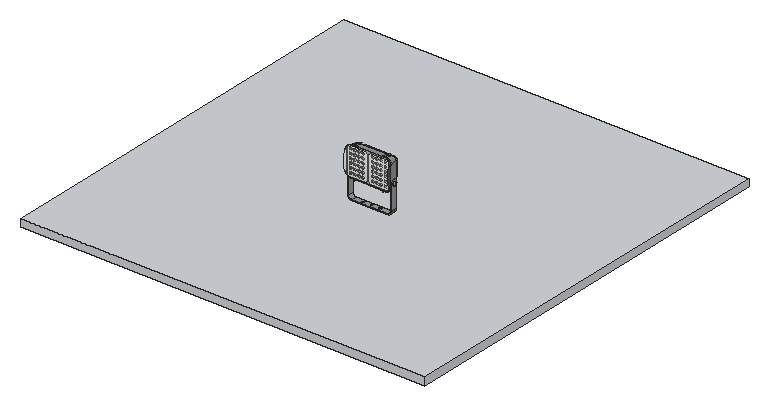
Revit family "HDL106N", category Lighting Fixtures, host Face, Revit 2014 (continued)
Forms (mm)
  Blend 35, void
    base sketch origin (-20, 0, -78.75) x (-1, 0, 0) y (0, 0, -1)
      loop
        line (-103.625, -304.265) -> (-96.24, -304.265) -> (-94.164, -302.189) -> (-94.164, -294.804) -> (-96.24, -292.728) -> (-103.625, -292.728) -> (-105.701, -294.804) -> (-105.701, -302.189) -> (-103.625, -304.265)
    top sketch origin (-20, 0, -78.75) x (-1, 0, 0) y (0, 0, -1)
      loop
        line (-108.432, -293.978) -> (-108.432, -304.052) -> (-104.969, -307.515) -> (-94.895, -307.515) -> (-91.432, -304.052) -> (-91.432, -293.978) -> (-94.895, -290.515) -> (-104.969, -290.515) -> (-108.432, -293.978)
    from 117.709 to 120.172
  Blend 36, void
    base sketch origin (-45, 0, -78.75) x (-1, 0, 0) y (0, 0, -1)
      loop
        line (-103.625, -304.265) -> (-96.24, -304.265) -> (-94.164, -302.189) -> (-94.164, -294.804) -> (-96.24, -292.728) -> (-103.625, -292.728) -> (-105.701, -294.804) -> (-105.701, -302.189) -> (-103.625, -304.265)
    top sketch origin (-45, 0, -78.75) x (-1, 0, 0) y (0, 0, -1)
      loop
        line (-108.432, -293.978) -> (-108.432, -304.052) -> (-104.969, -307.515) -> (-94.895, -307.515) -> (-91.432, -304.052) -> (-91.432, -293.978) -> (-94.895, -290.515) -> (-104.969, -290.515) -> (-108.432, -293.978)
    from 117.709 to 120.172
  Blend 37, void
    base sketch origin (-70, 0, -78.75) x (-1, 0, 0) y (0, 0, -1)
      loop
        line (-103.625, -304.265) -> (-96.24, -304.265) -> (-94.164, -302.189) -> (-94.164, -294.804) -> (-96.24, -292.728) -> (-103.625, -292.728) -> (-105.701, -294.804) -> (-105.701, -302.189) -> (-103.625, -304.265)
    top sketch origin (-70, 0, -78.75) x (-1, 0, 0) y (0, 0, -1)
      loop
        line (-108.432, -293.978) -> (-108.432, -304.052) -> (-104.969, -307.515) -> (-94.895, -307.515) -> (-91.432, -304.052) -> (-91.432, -293.978) -> (-94.895, -290.515) -> (-104.969, -290.515) -> (-108.432, -293.978)
    from 117.709 to 120.172
  Blend 38, void
    base sketch origin (5, 0, -78.75) x (-1, 0, 0) y (0, 0, -1)
      loop
        line (-103.625, -304.265) -> (-96.24, -304.265) -> (-94.164, -302.189) -> (-94.164, -294.804) -> (-96.24, -292.728) -> (-103.625, -292.728) -> (-105.701, -294.804) -> (-105.701, -302.189) -> (-103.625, -304.265)
    top sketch origin (5, 0, -78.75) x (-1, 0, 0) y (0, 0, -1)
      loop
        line (-108.432, -293.978) -> (-108.432, -304.052) -> (-104.969, -307.515) -> (-94.895, -307.515) -> (-91.432, -304.052) -> (-91.432, -293.978) -> (-94.895, -290.515) -> (-104.969, -290.515) -> (-108.432, -293.978)
    from 117.709 to 120.172
  Blend 39, void
    base sketch origin (-20, 0, -105) x (-1, 0, 0) y (0, 0, -1)
      loop
        line (-103.625, -304.265) -> (-96.24, -304.265) -> (-94.164, -302.189) -> (-94.164, -294.804) -> (-96.24, -292.728) -> (-103.625, -292.728) -> (-105.701, -294.804) -> (-105.701, -302.189) -> (-103.625, -304.265)
    top sketch origin (-20, 0, -105) x (-1, 0, 0) y (0, 0, -1)
      loop
        line (-108.432, -293.978) -> (-108.432, -304.052) -> (-104.969, -307.515) -> (-94.895, -307.515) -> (-91.432, -304.052) -> (-91.432, -293.978) -> (-94.895, -290.515) -> (-104.969, -290.515) -> (-108.432, -293.978)
    from 117.709 to 120.172
  Blend 40, void
    base sketch origin (-45, 0, -105) x (-1, 0, 0) y (0, 0, -1)
      loop
        line (-103.625, -304.265) -> (-96.24, -304.265) -> (-94.164, -302.189) -> (-94.164, -294.804) -> (-96.24, -292.728) -> (-103.625, -292.728) -> (-105.701, -294.804) -> (-105.701, -302.189) -> (-103.625, -304.265)
    top sketch origin (-45, 0, -105) x (-1, 0, 0) y (0, 0, -1)
      loop
        line (-108.432, -293.978) -> (-108.432, -304.052) -> (-104.969, -307.515) -> (-94.895, -307.515) -> (-91.432, -304.052) -> (-91.432, -293.978) -> (-94.895, -290.515) -> (-104.969, -290.515) -> (-108.432, -293.978)
    from 117.709 to 120.172
  Blend 41, void
    base sketch origin (-70, 0, -105) x (-1, 0, 0) y (0, 0, -1)
      loop
        line (-103.625, -304.265) -> (-96.24, -304.265) -> (-94.164, -302.189) -> (-94.164, -294.804) -> (-96.24, -292.728) -> (-103.625, -292.728) -> (-105.701, -294.804) -> (-105.701, -302.189) -> (-103.625, -304.265)
    top sketch origin (-70, 0, -105) x (-1, 0, 0) y (0, 0, -1)
      loop
        line (-108.432, -293.978) -> (-108.432, -304.052) -> (-104.969, -307.515) -> (-94.895, -307.515) -> (-91.432, -304.052) -> (-91.432, -293.978) -> (-94.895, -290.515) -> (-104.969, -290.515) -> (-108.432, -293.978)
    from 117.709 to 120.172
  Blend 42, void
    base sketch origin (5, 0, -105) x (-1, 0, 0) y (0, 0, -1)
      loop
        line (-103.625, -304.265) -> (-96.24, -304.265) -> (-94.164, -302.189) -> (-94.164, -294.804) -> (-96.24, -292.728) -> (-103.625, -292.728) -> (-105.701, -294.804) -> (-105.701, -302.189) -> (-103.625, -304.265)
    top sketch origin (5, 0, -105) x (-1, 0, 0) y (0, 0, -1)
      loop
        line (-108.432, -293.978) -> (-108.432, -304.052) -> (-104.969, -307.515) -> (-94.895, -307.515) -> (-91.432, -304.052) -> (-91.432, -293.978) -> (-94.895, -290.515) -> (-104.969, -290.515) -> (-108.432, -293.978)
    from 117.709 to 120.172
  Blend 43, void
    base sketch origin (-20, 0, -132.5) x (-1, 0, 0) y (0, 0, -1)
      loop
        line (-103.625, -304.265) -> (-96.24, -304.265) -> (-94.164, -302.189) -> (-94.164, -294.804) -> (-96.24, -292.728) -> (-103.625, -292.728) -> (-105.701, -294.804) -> (-105.701, -302.189) -> (-103.625, -304.265)
    top sketch origin (-20, 0, -132.5) x (-1, 0, 0) y (0, 0, -1)
      loop
        line (-108.432, -293.978) -> (-108.432, -304.052) -> (-104.969, -307.515) -> (-94.895, -307.515) -> (-91.432, -304.052) -> (-91.432, -293.978) -> (-94.895, -290.515) -> (-104.969, -290.515) -> (-108.432, -293.978)
    from 117.709 to 120.172
  Blend 44, void
    base sketch origin (-45, 0, -132.5) x (-1, 0, 0) y (0, 0, -1)
      loop
        line (-103.625, -304.265) -> (-96.24, -304.265) -> (-94.164, -302.189) -> (-94.164, -294.804) -> (-96.24, -292.728) -> (-103.625, -292.728) -> (-105.701, -294.804) -> (-105.701, -302.189) -> (-103.625, -304.265)
    top sketch origin (-45, 0, -132.5) x (-1, 0, 0) y (0, 0, -1)
      loop
        line (-108.432, -293.978) -> (-108.432, -304.052) -> (-104.969, -307.515) -> (-94.895, -307.515) -> (-91.432, -304.052) -> (-91.432, -293.978) -> (-94.895, -290.515) -> (-104.969, -290.515) -> (-108.432, -293.978)
    from 117.709 to 120.172
  Blend 45, void
    base sketch origin (-70, 0, -132.5) x (-1, 0, 0) y (0, 0, -1)
      loop
        line (-103.625, -304.265) -> (-96.24, -304.265) -> (-94.164, -302.189) -> (-94.164, -294.804) -> (-96.24, -292.728) -> (-103.625, -292.728) -> (-105.701, -294.804) -> (-105.701, -302.189) -> (-103.625, -304.265)
    top sketch origin (-70, 0, -132.5) x (-1, 0, 0) y (0, 0, -1)
      loop
        line (-108.432, -293.978) -> (-108.432, -304.052) -> (-104.969, -307.515) -> (-94.895, -307.515) -> (-91.432, -304.052) -> (-91.432, -293.978) -> (-94.895, -290.515) -> (-104.969, -290.515) -> (-108.432, -293.978)
    from 117.709 to 120.172
  Blend 46, void
    base sketch origin (5, 0, -132.5) x (-1, 0, 0) y (0, 0, -1)
      loop
        line (-103.625, -304.265) -> (-96.24, -304.265) -> (-94.164, -302.189) -> (-94.164, -294.804) -> (-96.24, -292.728) -> (-103.625, -292.728) -> (-105.701, -294.804) -> (-105.701, -302.189) -> (-103.625, -304.265)
    top sketch origin (5, 0, -132.5) x (-1, 0, 0) y (0, 0, -1)
      loop
        line (-108.432, -293.978) -> (-108.432, -304.052) -> (-104.969, -307.515) -> (-94.895, -307.515) -> (-91.432, -304.052) -> (-91.432, -293.978) -> (-94.895, -290.515) -> (-104.969, -290.515) -> (-108.432, -293.978)
    from 117.709 to 120.172
  Blend 47, void
    base sketch origin (-20, 0, 543.926) x (-1, 0, 0) y (0, 0, -1)
      loop
        line (-103.625, 304.265) -> (-105.701, 302.189) -> (-105.701, 294.804) -> (-103.625, 292.728) -> (-96.24, 292.728) -> (-94.164, 294.804) -> (-94.164, 302.189) -> (-96.24, 304.265) -> (-103.625, 304.265)
    top sketch origin (-20, 0, 543.926) x (-1, 0, 0) y (0, 0, -1)
      loop
        line (-108.432, 293.978) -> (-104.969, 290.515) -> (-94.895, 290.515) -> (-91.432, 293.978) -> (-91.432, 304.052) -> (-94.895, 307.515) -> (-104.969, 307.515) -> (-108.432, 304.052) -> (-108.432, 293.978)
    from 117.709 to 120.172
  Blend 48, void
    base sketch origin (-45, 0, 543.926) x (-1, 0, 0) y (0, 0, -1)
      loop
        line (-103.625, 304.265) -> (-105.701, 302.189) -> (-105.701, 294.804) -> (-103.625, 292.728) -> (-96.24, 292.728) -> (-94.164, 294.804) -> (-94.164, 302.189) -> (-96.24, 304.265) -> (-103.625, 304.265)
    top sketch origin (-45, 0, 543.926) x (-1, 0, 0) y (0, 0, -1)
      loop
        line (-108.432, 293.978) -> (-104.969, 290.515) -> (-94.895, 290.515) -> (-91.432, 293.978) -> (-91.432, 304.052) -> (-94.895, 307.515) -> (-104.969, 307.515) -> (-108.432, 304.052) -> (-108.432, 293.978)
    from 117.709 to 120.172
  Blend 49, void
    base sketch origin (-70, 0, 543.926) x (-1, 0, 0) y (0, 0, -1)
      loop
        line (-103.625, 304.265) -> (-105.701, 302.189) -> (-105.701, 294.804) -> (-103.625, 292.728) -> (-96.24, 292.728) -> (-94.164, 294.804) -> (-94.164, 302.189) -> (-96.24, 304.265) -> (-103.625, 304.265)
    top sketch origin (-70, 0, 543.926) x (-1, 0, 0) y (0, 0, -1)
      loop
        line (-108.432, 293.978) -> (-104.969, 290.515) -> (-94.895, 290.515) -> (-91.432, 293.978) -> (-91.432, 304.052) -> (-94.895, 307.515) -> (-104.969, 307.515) -> (-108.432, 304.052) -> (-108.432, 293.978)
    from 117.709 to 120.172
  Blend 50, void
    base sketch origin (5, 0, 543.926) x (-1, 0, 0) y (0, 0, -1)
      loop
        line (-103.625, 304.265) -> (-105.701, 302.189) -> (-105.701, 294.804) -> (-103.625, 292.728) -> (-96.24, 292.728) -> (-94.164, 294.804) -> (-94.164, 302.189) -> (-96.24, 304.265) -> (-103.625, 304.265)
    top sketch origin (5, 0, 543.926) x (-1, 0, 0) y (0, 0, -1)
      loop
        line (-108.432, 293.978) -> (-104.969, 290.515) -> (-94.895, 290.515) -> (-91.432, 293.978) -> (-91.432, 304.052) -> (-94.895, 307.515) -> (-104.969, 307.515) -> (-108.432, 304.052) -> (-108.432, 293.978)
    from 117.709 to 120.172
  Blend 51, void
    base sketch origin (-20, 0, 570.176) x (-1, 0, 0) y (0, 0, -1)
      loop
        line (-103.625, 304.265) -> (-105.701, 302.189) -> (-105.701, 294.804) -> (-103.625, 292.728) -> (-96.24, 292.728) -> (-94.164, 294.804) -> (-94.164, 302.189) -> (-96.24, 304.265) -> (-103.625, 304.265)
    top sketch origin (-20, 0, 570.176) x (-1, 0, 0) y (0, 0, -1)
      loop
        line (-108.432, 293.978) -> (-104.969, 290.515) -> (-94.895, 290.515) -> (-91.432, 293.978) -> (-91.432, 304.052) -> (-94.895, 307.515) -> (-104.969, 307.515) -> (-108.432, 304.052) -> (-108.432, 293.978)
    from 117.709 to 120.172
  Blend 52, void
    base sketch origin (-45, 0, 570.176) x (-1, 0, 0) y (0, 0, -1)
      loop
        line (-103.625, 304.265) -> (-105.701, 302.189) -> (-105.701, 294.804) -> (-103.625, 292.728) -> (-96.24, 292.728) -> (-94.164, 294.804) -> (-94.164, 302.189) -> (-96.24, 304.265) -> (-103.625, 304.265)
    top sketch origin (-45, 0, 570.176) x (-1, 0, 0) y (0, 0, -1)
      loop
        line (-108.432, 293.978) -> (-104.969, 290.515) -> (-94.895, 290.515) -> (-91.432, 293.978) -> (-91.432, 304.052) -> (-94.895, 307.515) -> (-104.969, 307.515) -> (-108.432, 304.052) -> (-108.432, 293.978)
    from 117.709 to 120.172
  Blend 53, void
    base sketch origin (-70, 0, 570.176) x (-1, 0, 0) y (0, 0, -1)
      loop
        line (-103.625, 304.265) -> (-105.701, 302.189) -> (-105.701, 294.804) -> (-103.625, 292.728) -> (-96.24, 292.728) -> (-94.164, 294.804) -> (-94.164, 302.189) -> (-96.24, 304.265) -> (-103.625, 304.265)
    top sketch origin (-70, 0, 570.176) x (-1, 0, 0) y (0, 0, -1)
      loop
        line (-108.432, 293.978) -> (-104.969, 290.515) -> (-94.895, 290.515) -> (-91.432, 293.978) -> (-91.432, 304.052) -> (-94.895, 307.515) -> (-104.969, 307.515) -> (-108.432, 304.052) -> (-108.432, 293.978)
    from 117.709 to 120.172
  Blend 54, void
    base sketch origin (5, 0, 570.176) x (-1, 0, 0) y (0, 0, -1)
      loop
        line (-103.625, 304.265) -> (-105.701, 302.189) -> (-105.701, 294.804) -> (-103.625, 292.728) -> (-96.24, 292.728) -> (-94.164, 294.804) -> (-94.164, 302.189) -> (-96.24, 304.265) -> (-103.625, 304.265)
    top sketch origin (5, 0, 570.176) x (-1, 0, 0) y (0, 0, -1)
      loop
        line (-108.432, 293.978) -> (-104.969, 290.515) -> (-94.895, 290.515) -> (-91.432, 293.978) -> (-91.432, 304.052) -> (-94.895, 307.515) -> (-104.969, 307.515) -> (-108.432, 304.052) -> (-108.432, 293.978)
    from 117.709 to 120.172
  Blend 55, void
    base sketch origin (-20, 0, 597.676) x (-1, 0, 0) y (0, 0, -1)
      loop
        line (-103.625, 304.265) -> (-105.701, 302.189) -> (-105.701, 294.804) -> (-103.625, 292.728) -> (-96.24, 292.728) -> (-94.164, 294.804) -> (-94.164, 302.189) -> (-96.24, 304.265) -> (-103.625, 304.265)
    top sketch origin (-20, 0, 597.676) x (-1, 0, 0) y (0, 0, -1)
      loop
        line (-108.432, 293.978) -> (-104.969, 290.515) -> (-94.895, 290.515) -> (-91.432, 293.978) -> (-91.432, 304.052) -> (-94.895, 307.515) -> (-104.969, 307.515) -> (-108.432, 304.052) -> (-108.432, 293.978)
    from 117.709 to 120.172
  Blend 56, void
    base sketch origin (-45, 0, 597.676) x (-1, 0, 0) y (0, 0, -1)
      loop
        line (-103.625, 304.265) -> (-105.701, 302.189) -> (-105.701, 294.804) -> (-103.625, 292.728) -> (-96.24, 292.728) -> (-94.164, 294.804) -> (-94.164, 302.189) -> (-96.24, 304.265) -> (-103.625, 304.265)
    top sketch origin (-45, 0, 597.676) x (-1, 0, 0) y (0, 0, -1)
      loop
        line (-108.432, 293.978) -> (-104.969, 290.515) -> (-94.895, 290.515) -> (-91.432, 293.978) -> (-91.432, 304.052) -> (-94.895, 307.515) -> (-104.969, 307.515) -> (-108.432, 304.052) -> (-108.432, 293.978)
    from 117.709 to 120.172
  Blend 57, void
    base sketch origin (-70, 0, 597.676) x (-1, 0, 0) y (0, 0, -1)
      loop
        line (-103.625, 304.265) -> (-105.701, 302.189) -> (-105.701, 294.804) -> (-103.625, 292.728) -> (-96.24, 292.728) -> (-94.164, 294.804) -> (-94.164, 302.189) -> (-96.24, 304.265) -> (-103.625, 304.265)
    top sketch origin (-70, 0, 597.676) x (-1, 0, 0) y (0, 0, -1)
      loop
        line (-108.432, 293.978) -> (-104.969, 290.515) -> (-94.895, 290.515) -> (-91.432, 293.978) -> (-91.432, 304.052) -> (-94.895, 307.515) -> (-104.969, 307.515) -> (-108.432, 304.052) -> (-108.432, 293.978)
    from 117.709 to 120.172
  Blend 58, void
    base sketch origin (5, 0, 597.676) x (-1, 0, 0) y (0, 0, -1)
      loop
        line (-103.625, 304.265) -> (-105.701, 302.189) -> (-105.701, 294.804) -> (-103.625, 292.728) -> (-96.24, 292.728) -> (-94.164, 294.804) -> (-94.164, 302.189) -> (-96.24, 304.265) -> (-103.625, 304.265)
    top sketch origin (5, 0, 597.676) x (-1, 0, 0) y (0, 0, -1)
      loop
        line (-108.432, 293.978) -> (-104.969, 290.515) -> (-94.895, 290.515) -> (-91.432, 293.978) -> (-91.432, 304.052) -> (-94.895, 307.515) -> (-104.969, 307.515) -> (-108.432, 304.052) -> (-108.432, 293.978)
    from 117.709 to 120.172
  Extrusion 59, solid, material "Paint - Hubbell - Light Silver" <- "Housing Material"
    sketch origin (0, -69.058, -17.262) x (1, 0, 0) y (0, 0.207912, 0.978148)
      loop
        line (-87.5, 320.125) -> (-82.5, 320.125) -> (-82.5, 325.125)
        arc (-82.5, 325.125) -> (-85, 327.625) -> (-87.5, 325.125) r 2.5
        line (-87.5, 325.125) -> (-87.5, 320.125)
      loop
        line (87.5, 320.125) -> (87.5, 325.125)
        arc (87.5, 325.125) -> (85, 327.625) -> (82.5, 325.125) r 2.5
        line (82.5, 325.125) -> (82.5, 320.125) -> (87.5, 320.125)
    from 69.508 to 116.522
  Extrusion 60, solid, material "Paint - Hubbell - Light Silver" <- "Housing Material"
    sketch origin (0, -69.058, 477.512) x (1, 0, 0) y (0, -0.207912, 0.978148)
      loop
        line (-87.5, -320.125) -> (-87.5, -325.125)
        arc (-87.5, -325.125) -> (-85, -327.625) -> (-82.5, -325.125) r 2.5
        line (-82.5, -325.125) -> (-82.5, -320.125) -> (-87.5, -320.125)
      loop
        line (87.5, -320.125) -> (82.5, -320.125) -> (82.5, -325.125)
        arc (82.5, -325.125) -> (85, -327.625) -> (87.5, -325.125) r 2.5
        line (87.5, -325.125) -> (87.5, -320.125)
    from 69.508 to 116.522
Cuts and joins
  Extrusion 3 cuts Sweep 2
  Extrusion 9, Blend 11, Blend 12, Blend 13, Blend 14, Blend 15, Blend 16, Blend 17, Blend 18, Blend 19, Blend 20, Blend 21, Blend 22, Blend 23, Blend 24, Blend 25, Blend 26, Blend 27, Blend 28, Blend 29, Blend 30, Blend 31, Blend 32, Blend 33, Blend 34, Blend 35, Blend 36, Blend 37, Blend 38, Blend 39, Blend 40, Blend 41, Blend 42, Blend 43, Blend 44, Blend 45, Blend 46, Blend 47, Blend 48, Blend 49, Blend 50, Blend 51, Blend 52, Blend 53, Blend 54, Blend 55, Blend 56, Blend 57, Blend 58 cuts Extrusion 8
  Extrusion 9, Blend 11, Blend 12, Blend 13, Blend 14, Blend 15, Blend 16, Blend 17, Blend 18, Blend 19, Blend 20, Blend 21, Blend 22, Blend 23, Blend 24, Blend 25, Blend 26, Blend 27, Blend 28, Blend 29, Blend 30, Blend 31, Blend 32, Blend 33, Blend 34, Blend 35, Blend 36, Blend 37, Blend 38, Blend 39, Blend 40, Blend 41, Blend 42, Blend 43, Blend 44, Blend 45, Blend 46, Blend 47, Blend 48, Blend 49, Blend 50, Blend 51, Blend 52, Blend 53, Blend 54, Blend 55, Blend 56, Blend 57, Blend 58 cuts Extrusion 10
  joined: Blend 6, Extrusion 59
Dimensions and locks
  plane 2 to plane 4 = 164.50 mm
  "Length": plane 5 to plane 6
  equal spacing: plane 5, plane 3 "Center (Left/Right)", plane 6
  plane 2 to plane 7 to plane 10 = 175.00 mm, 131.00 mm
  plane 2 to plane 10 = 306.00 mm
  plane 10 to plane 7 to Extrusion 1 = 131.00 mm, 175.00 mm
  plane 10 to Extrusion 1 = 306.00 mm
  plane 10 to plane 11 = 180.00 mm
  aligned and locked: plane 2 to Extrusion 1
  aligned and locked: cut or joined group of Sweep 2, Extrusion 3 to Extrusion 3  (x2)
Automatic sketch dimensions
  Extrusion 1 sketch curve to Extrusion 1 sketch curve = 2438.40 mm  (x2)
  Sweep 2 sketch curve to plane 6 = 0.00 mm
  Sweep 2 sketch curve to plane 2 = 0.00 mm
  Sweep 2 sketch curve to plane 3 "Center (Left/Right)" = 0.00 mm
  Sweep 2 sketch curve to plane 5 = 0.00 mm
  plane 2 to Sweep 2 sketch curve = 25.00 mm  (x2)
  Sweep 2 sketch curve to plane 7 = 15.00 mm  (x2)
  Sweep 2 sketch curve to profile plane = 0.00 mm
  plane 1 "Center (Front/Back)" to Sweep 2 sketch curve = 78.75 mm
  Sweep 2 sketch curve to Sweep 2 sketch curve = 16.25 mm
  Sweep 2 sketch curve to Sweep 2 sketch curve = 13.75 mm
  Sweep 2 sketch curve to profile plane = 3.75 mm
  Extrusion 3 sketch curve to plane 3 "Center (Left/Right)" = 0.00 mm
  Extrusion 3 sketch curve to plane 9 = 13.75 mm  (x3)
  Extrusion 3 sketch curve to Extrusion 3 sketch curve = 50.00 mm
  plane 3 "Center (Left/Right)" to Extrusion 3 sketch curve = 50.00 mm
  Revolve 4 sketch curve to plane 6 = 0.00 mm  (x2)
  Revolve 4 sketch curve to plane 6 = 6.155 mm
  Revolve 4 sketch curve to Revolve 4 sketch curve = 3.845 mm
  Revolve 4 sketch curve to plane 9 = 12.50 mm  (x2)
  Revolve 4 sketch curve to Revolve 4 sketch curve = 6.155 mm
  Revolve 4 sketch curve to Revolve 4 sketch curve = 50.00 mm
  Revolve 5 sketch curve to plane 5 = 0.00 mm  (x2)
  plane 5 to Revolve 5 sketch curve = 6.155 mm
  Revolve 5 sketch curve to Revolve 5 sketch curve = 3.845 mm
  Revolve 5 sketch curve to plane 9 = 22.50 mm
  Revolve 5 sketch curve to Revolve 5 sketch curve = 6.155 mm
  Revolve 5 sketch curve to plane 9 = 12.50 mm
  Revolve 5 sketch curve to Revolve 5 sketch curve = 50.00 mm
  Blend 6 sketch curve to plane 6 = 0.00 mm
  Blend 6 sketch curve to plane 11 = 0.00 mm
  Blend 6 sketch curve to plane 10 = 0.00 mm
  Blend 6 sketch curve to plane 5 = 0.00 mm
  plane 6 to Blend 6 sketch curve = 30.00 mm
  Blend 6 sketch curve to Blend 6 sketch curve = 30.00 mm
  Blend 6 sketch curve to plane 5 = 30.00 mm  (x4)
  plane 6 to Blend 6 sketch curve = 10.00 mm
  Blend 6 sketch curve to Blend 6 sketch curve = 20.00 mm  (x2)
  Blend 6 sketch curve to plane 11 = 10.00 mm
  plane 10 to Blend 6 sketch curve = 10.00 mm
  Blend 6 sketch curve to plane 5 = 10.00 mm
  plane 6 to Blend 7 sketch curve = 20.00 mm
  Blend 7 sketch curve to Blend 7 sketch curve = 10.00 mm  (x3)
  Blend 7 sketch curve to plane 5 = 30.00 mm  (x2)
  Blend 7 sketch curve to plane 11 = 20.00 mm
  plane 10 to Blend 7 sketch curve = 30.00 mm  (x2)
  Blend 7 sketch curve to plane 7 = 1.00 mm  (x2)
  plane 6 to Blend 7 sketch curve = 30.00 mm
  plane 7 to Blend 7 sketch curve = 19.00 mm
  Blend 7 sketch curve to Blend 7 sketch curve = 20.00 mm
  Blend 7 sketch curve to plane 5 = 50.00 mm  (x2)
  plane 11 to Extrusion 8 sketch curve = 0.00 mm
  plane 10 to Extrusion 8 sketch curve = 0.00 mm
  plane 9 to Extrusion 8 sketch curve = 9.022 mm
  Extrusion 8 sketch curve to plane 1 "Center (Front/Back)" = 35.161 mm
  Extrusion 9 sketch curve to plane 6 = 0.00 mm
  Extrusion 9 sketch curve to plane 10 = 0.00 mm
  Extrusion 9 sketch curve to plane 11 = 0.00 mm
  Extrusion 9 sketch curve to plane 5 = 0.00 mm
  Extrusion 9 sketch curve to plane 10 = 12.039 mm
  Extrusion 9 sketch curve to plane 6 = 54.567 mm
  Extrusion 9 sketch curve to Extrusion 9 sketch curve = 30.00 mm
  plane 6 to Extrusion 9 sketch curve = 30.00 mm
  Extrusion 9 sketch curve to plane 5 = 30.00 mm  (x2)
  plane 5 to Extrusion 9 sketch curve = 45.433 mm
  plane 11 to Extrusion 9 sketch curve = 33.429 mm
  plane 6 to Extrusion 10 sketch curve = 6.287 mm
  Extrusion 10 sketch curve to plane 11 = 4.963 mm  (x2)
  Extrusion 10 sketch curve to Extrusion 10 sketch curve = 11.25 mm  (x4)
  plane 10 to Extrusion 10 sketch curve = 5.037 mm  (x2)
  Extrusion 10 sketch curve to Extrusion 10 sketch curve = 12.50 mm
  Extrusion 10 sketch curve to plane 3 "Center (Left/Right)" = 16.213 mm
  Extrusion 10 sketch curve to plane 3 "Center (Left/Right)" = 14.963 mm
  Extrusion 10 sketch curve to plane 3 "Center (Left/Right)" = 3.713 mm
  plane 3 "Center (Left/Right)" to Extrusion 10 sketch curve = 3.713 mm
  plane 3 "Center (Left/Right)" to Extrusion 10 sketch curve = 14.963 mm
  plane 3 "Center (Left/Right)" to Extrusion 10 sketch curve = 16.213 mm
  Extrusion 10 sketch curve to plane 5 = 18.787 mm
  Extrusion 10 sketch curve to plane 5 = 17.537 mm
  Extrusion 10 sketch curve to plane 5 = 6.287 mm
  Extrusion 10 sketch curve to Extrusion 10 sketch curve = 0.00 mm  (x2)
  plane 10 to Extrusion 10 sketch curve = 17.537 mm  (x3)
  plane 6 to Blend 11 sketch curve = 46.799 mm
  Blend 11 sketch curve to Blend 11 sketch curve = 2.076 mm  (x6)
  Blend 11 sketch curve to Blend 11 sketch curve = 7.385 mm  (x4)
  Blend 11 sketch curve to plane 7 = 24.853 mm
  plane 6 to Blend 11 sketch curve = 44.068 mm
  Blend 11 sketch curve to Blend 11 sketch curve = 3.463 mm  (x5)
  Blend 11 sketch curve to Blend 11 sketch curve = 10.074 mm  (x4)
  Blend 11 sketch curve to plane 7 = 26.103 mm
  Blend 11 sketch curve to Blend 11 sketch curve = 0.00 mm
  Blend 12 sketch curve to plane 7 = 26.929 mm
  Blend 12 sketch curve to plane 3 "Center (Left/Right)" = 60.701 mm
  Blend 12 sketch curve to plane 7 = 24.853 mm
  Blend 12 sketch curve to Blend 12 sketch curve = 2.076 mm  (x5)
  Blend 12 sketch curve to Blend 12 sketch curve = 7.385 mm  (x4)
  Blend 12 sketch curve to plane 7 = 26.103 mm
  Blend 12 sketch curve to plane 3 "Center (Left/Right)" = 63.432 mm
  Blend 12 sketch curve to Blend 12 sketch curve = 3.463 mm  (x6)
  Blend 12 sketch curve to Blend 12 sketch curve = 10.074 mm  (x4)
  Blend 13 sketch curve to plane 3 "Center (Left/Right)" = 35.701 mm
  Blend 13 sketch curve to Blend 13 sketch curve = 2.076 mm  (x6)
  Blend 13 sketch curve to Blend 13 sketch curve = 7.385 mm  (x4)
  Blend 13 sketch curve to plane 7 = 24.853 mm
  Blend 13 sketch curve to plane 3 "Center (Left/Right)" = 38.432 mm
  Blend 13 sketch curve to Blend 13 sketch curve = 3.463 mm  (x6)
  Blend 13 sketch curve to Blend 13 sketch curve = 10.074 mm  (x4)
  Blend 13 sketch curve to plane 7 = 22.64 mm
  plane 6 to Blend 14 sketch curve = 21.799 mm
  Blend 14 sketch curve to Blend 14 sketch curve = 2.076 mm  (x6)
  Blend 14 sketch curve to Blend 14 sketch curve = 7.385 mm  (x4)
  Blend 14 sketch curve to plane 7 = 24.853 mm
  plane 6 to Blend 14 sketch curve = 19.068 mm
  Blend 14 sketch curve to Blend 14 sketch curve = 3.463 mm  (x6)
  Blend 14 sketch curve to Blend 14 sketch curve = 10.074 mm  (x4)
  Blend 14 sketch curve to plane 7 = 22.64 mm
  Blend 15 sketch curve to plane 7 = 0.679 mm  (x2)
  plane 6 to Blend 15 sketch curve = 46.799 mm
  plane 7 to Blend 15 sketch curve = 1.397 mm
  Blend 15 sketch curve to Blend 15 sketch curve = 2.076 mm  (x4)
  Blend 15 sketch curve to plane 7 = 10.14 mm
  Blend 15 sketch curve to Blend 15 sketch curve = 7.385 mm  (x2)
  Blend 15 sketch curve to plane 7 = 8.064 mm
  plane 7 to Blend 15 sketch curve = 0.147 mm  (x2)
  plane 6 to Blend 15 sketch curve = 44.068 mm
  Blend 15 sketch curve to Blend 15 sketch curve = 3.463 mm  (x5)
  Blend 15 sketch curve to plane 7 = 13.39 mm
  Blend 15 sketch curve to Blend 15 sketch curve = 10.074 mm  (x2)
  plane 7 to Blend 15 sketch curve = 3.61 mm
  Blend 16 sketch curve to plane 7 = 0.679 mm  (x2)
  Blend 16 sketch curve to plane 3 "Center (Left/Right)" = 60.701 mm
  plane 7 to Blend 16 sketch curve = 1.397 mm
  Blend 16 sketch curve to Blend 16 sketch curve = 2.076 mm  (x4)
  Blend 16 sketch curve to plane 7 = 10.14 mm
  Blend 16 sketch curve to Blend 16 sketch curve = 7.385 mm  (x2)
  Blend 16 sketch curve to plane 7 = 8.064 mm
  plane 7 to Blend 16 sketch curve = 0.147 mm  (x2)
  Blend 16 sketch curve to plane 3 "Center (Left/Right)" = 63.432 mm
  Blend 16 sketch curve to Blend 16 sketch curve = 3.463 mm  (x5)
  Blend 16 sketch curve to plane 7 = 13.39 mm
  Blend 16 sketch curve to Blend 16 sketch curve = 10.074 mm  (x2)
  plane 7 to Blend 16 sketch curve = 3.61 mm
  Blend 17 sketch curve to plane 7 = 0.679 mm  (x2)
  Blend 17 sketch curve to plane 3 "Center (Left/Right)" = 35.701 mm
  plane 7 to Blend 17 sketch curve = 1.397 mm
  Blend 17 sketch curve to Blend 17 sketch curve = 2.076 mm  (x4)
  Blend 17 sketch curve to plane 7 = 10.14 mm
  Blend 17 sketch curve to Blend 17 sketch curve = 7.385 mm  (x2)
  Blend 17 sketch curve to plane 7 = 8.064 mm
  plane 7 to Blend 17 sketch curve = 0.147 mm  (x2)
  Blend 17 sketch curve to plane 3 "Center (Left/Right)" = 38.432 mm
  Blend 17 sketch curve to Blend 17 sketch curve = 3.463 mm  (x4)
  Blend 17 sketch curve to Blend 17 sketch curve = 10.074 mm  (x2)
  plane 7 to Blend 17 sketch curve = 3.61 mm
  Blend 17 sketch curve to plane 7 = 9.927 mm  (x2)
  Blend 18 sketch curve to plane 7 = 0.679 mm  (x2)
  plane 6 to Blend 18 sketch curve = 21.799 mm
  plane 7 to Blend 18 sketch curve = 1.397 mm
  Blend 18 sketch curve to Blend 18 sketch curve = 2.076 mm  (x4)
  Blend 18 sketch curve to plane 7 = 10.14 mm
  Blend 18 sketch curve to Blend 18 sketch curve = 7.385 mm  (x2)
  Blend 18 sketch curve to plane 7 = 8.064 mm
  plane 7 to Blend 18 sketch curve = 0.147 mm  (x2)
  plane 6 to Blend 18 sketch curve = 19.068 mm
  Blend 18 sketch curve to Blend 18 sketch curve = 3.463 mm  (x5)
  Blend 18 sketch curve to plane 7 = 13.39 mm
  Blend 18 sketch curve to Blend 18 sketch curve = 10.074 mm  (x2)
  plane 7 to Blend 18 sketch curve = 3.61 mm
  Blend 19 sketch curve to plane 11 = 22.179 mm
  plane 6 to Blend 19 sketch curve = 46.799 mm
  Blend 19 sketch curve to plane 11 = 20.103 mm
  Blend 19 sketch curve to Blend 19 sketch curve = 2.076 mm  (x5)
  plane 7 to Blend 19 sketch curve = 17.36 mm
  Blend 19 sketch curve to Blend 19 sketch curve = 7.385 mm  (x2)
  plane 7 to Blend 19 sketch curve = 19.436 mm
  Blend 19 sketch curve to plane 11 = 21.353 mm  (x2)
  plane 6 to Blend 19 sketch curve = 44.068 mm
  Blend 19 sketch curve to Blend 19 sketch curve = 3.463 mm  (x6)
  plane 7 to Blend 19 sketch curve = 14.11 mm
  Blend 19 sketch curve to Blend 19 sketch curve = 10.074 mm  (x2)
  Blend 20 sketch curve to plane 11 = 22.179 mm
  Blend 20 sketch curve to plane 3 "Center (Left/Right)" = 60.701 mm
  Blend 20 sketch curve to plane 11 = 20.103 mm
  Blend 20 sketch curve to Blend 20 sketch curve = 2.076 mm  (x5)
  plane 7 to Blend 20 sketch curve = 17.36 mm
  Blend 20 sketch curve to Blend 20 sketch curve = 7.385 mm  (x2)
  plane 7 to Blend 20 sketch curve = 19.436 mm
  Blend 20 sketch curve to plane 11 = 21.353 mm  (x2)
  Blend 20 sketch curve to plane 3 "Center (Left/Right)" = 63.432 mm
  Blend 20 sketch curve to Blend 20 sketch curve = 3.463 mm  (x6)
  plane 7 to Blend 20 sketch curve = 14.11 mm
  Blend 20 sketch curve to Blend 20 sketch curve = 10.074 mm  (x2)
  Blend 21 sketch curve to plane 3 "Center (Left/Right)" = 35.701 mm
  Blend 21 sketch curve to Blend 21 sketch curve = 2.076 mm  (x6)
  Blend 21 sketch curve to Blend 21 sketch curve = 7.385 mm  (x4)
  Blend 21 sketch curve to plane 11 = 20.103 mm
  Blend 21 sketch curve to plane 3 "Center (Left/Right)" = 38.432 mm
  Blend 21 sketch curve to Blend 21 sketch curve = 3.463 mm  (x6)
  Blend 21 sketch curve to Blend 21 sketch curve = 10.074 mm  (x4)
  Blend 21 sketch curve to plane 11 = 17.89 mm
  plane 6 to Blend 22 sketch curve = 21.799 mm
  Blend 22 sketch curve to Blend 22 sketch curve = 2.076 mm  (x6)
  Blend 22 sketch curve to Blend 22 sketch curve = 7.385 mm  (x4)
  Blend 22 sketch curve to plane 11 = 20.103 mm
  plane 6 to Blend 22 sketch curve = 19.068 mm
  Blend 22 sketch curve to Blend 22 sketch curve = 3.463 mm  (x6)
  plane 7 to Blend 22 sketch curve = 14.11 mm
  Blend 22 sketch curve to Blend 22 sketch curve = 10.074 mm  (x4)
  Blend 23 sketch curve to plane 6 = 46.799 mm
  Blend 23 sketch curve to Blend 23 sketch curve = 2.076 mm  (x6)
  Blend 23 sketch curve to Blend 23 sketch curve = 7.385 mm  (x4)
  plane 7 to Blend 23 sketch curve = 62.074 mm
  Blend 23 sketch curve to plane 6 = 44.068 mm
  Blend 23 sketch curve to Blend 23 sketch curve = 3.463 mm  (x6)
  Blend 23 sketch curve to Blend 23 sketch curve = 10.074 mm  (x4)
  plane 7 to Blend 23 sketch curve = 64.287 mm
  plane 3 "Center (Left/Right)" to Blend 24 sketch curve = 60.701 mm
  Blend 24 sketch curve to Blend 24 sketch curve = 2.076 mm  (x6)
  Blend 24 sketch curve to Blend 24 sketch curve = 7.385 mm  (x4)
  plane 7 to Blend 24 sketch curve = 62.074 mm
  plane 3 "Center (Left/Right)" to Blend 24 sketch curve = 63.432 mm
  Blend 24 sketch curve to Blend 24 sketch curve = 3.463 mm  (x6)
  Blend 24 sketch curve to Blend 24 sketch curve = 10.074 mm  (x4)
  plane 7 to Blend 24 sketch curve = 64.287 mm
  plane 3 "Center (Left/Right)" to Blend 25 sketch curve = 35.701 mm
  Blend 25 sketch curve to Blend 25 sketch curve = 2.076 mm  (x6)
  Blend 25 sketch curve to Blend 25 sketch curve = 7.385 mm  (x4)
  plane 7 to Blend 25 sketch curve = 62.074 mm
  plane 3 "Center (Left/Right)" to Blend 25 sketch curve = 38.432 mm
  Blend 25 sketch curve to Blend 25 sketch curve = 3.463 mm  (x6)
  Blend 25 sketch curve to Blend 25 sketch curve = 10.074 mm  (x4)
  plane 7 to Blend 25 sketch curve = 64.287 mm
  Blend 26 sketch curve to plane 6 = 21.799 mm
  Blend 26 sketch curve to Blend 26 sketch curve = 2.076 mm  (x6)
  Blend 26 sketch curve to Blend 26 sketch curve = 7.385 mm  (x4)
  plane 7 to Blend 26 sketch curve = 62.074 mm
  Blend 26 sketch curve to plane 6 = 19.068 mm
  Blend 26 sketch curve to Blend 26 sketch curve = 3.463 mm  (x6)
  Blend 26 sketch curve to Blend 26 sketch curve = 10.074 mm  (x4)
  plane 7 to Blend 26 sketch curve = 64.287 mm
  Blend 27 sketch curve to plane 6 = 46.799 mm
  Blend 27 sketch curve to Blend 27 sketch curve = 2.076 mm  (x6)
  Blend 27 sketch curve to Blend 27 sketch curve = 7.385 mm  (x4)
  Blend 27 sketch curve to plane 10 = 42.676 mm
  Blend 27 sketch curve to plane 6 = 44.068 mm
  Blend 27 sketch curve to Blend 27 sketch curve = 3.463 mm  (x6)
  Blend 27 sketch curve to Blend 27 sketch curve = 10.074 mm  (x4)
  Blend 27 sketch curve to plane 10 = 40.463 mm
  plane 3 "Center (Left/Right)" to Blend 28 sketch curve = 60.701 mm
  Blend 28 sketch curve to Blend 28 sketch curve = 2.076 mm  (x6)
  Blend 28 sketch curve to Blend 28 sketch curve = 7.385 mm  (x4)
  Blend 28 sketch curve to plane 10 = 42.676 mm
  plane 3 "Center (Left/Right)" to Blend 28 sketch curve = 63.432 mm
  Blend 28 sketch curve to Blend 28 sketch curve = 3.463 mm  (x6)
  Blend 28 sketch curve to Blend 28 sketch curve = 10.074 mm  (x4)
  Blend 28 sketch curve to plane 10 = 40.463 mm
  plane 3 "Center (Left/Right)" to Blend 29 sketch curve = 35.701 mm
  Blend 29 sketch curve to Blend 29 sketch curve = 2.076 mm  (x6)
  Blend 29 sketch curve to Blend 29 sketch curve = 7.385 mm  (x4)
  Blend 29 sketch curve to plane 10 = 42.676 mm
  plane 3 "Center (Left/Right)" to Blend 29 sketch curve = 38.432 mm
  Blend 29 sketch curve to Blend 29 sketch curve = 3.463 mm  (x6)
  Blend 29 sketch curve to Blend 29 sketch curve = 10.074 mm  (x4)
  Blend 29 sketch curve to plane 10 = 40.463 mm
  Blend 30 sketch curve to plane 6 = 21.799 mm
  Blend 30 sketch curve to Blend 30 sketch curve = 2.076 mm  (x6)
  Blend 30 sketch curve to Blend 30 sketch curve = 7.385 mm  (x4)
  Blend 30 sketch curve to plane 10 = 42.676 mm
  Blend 30 sketch curve to plane 6 = 19.068 mm
  Blend 30 sketch curve to Blend 30 sketch curve = 3.463 mm  (x6)
  Blend 30 sketch curve to Blend 30 sketch curve = 10.074 mm  (x4)
  Blend 30 sketch curve to plane 10 = 40.463 mm
  Blend 31 sketch curve to plane 10 = 17.252 mm
  Blend 31 sketch curve to plane 6 = 46.799 mm
  Blend 31 sketch curve to plane 10 = 15.176 mm
  Blend 31 sketch curve to Blend 31 sketch curve = 2.076 mm  (x5)
  Blend 31 sketch curve to Blend 31 sketch curve = 7.385 mm  (x3)
  Blend 31 sketch curve to plane 10 = 24.637 mm
  Blend 31 sketch curve to plane 10 = 16.426 mm  (x2)
  Blend 31 sketch curve to plane 6 = 44.068 mm
  Blend 31 sketch curve to Blend 31 sketch curve = 3.463 mm  (x5)
  Blend 31 sketch curve to Blend 31 sketch curve = 10.074 mm  (x4)
  Blend 32 sketch curve to plane 10 = 17.252 mm
  plane 3 "Center (Left/Right)" to Blend 32 sketch curve = 60.701 mm
  Blend 32 sketch curve to plane 10 = 15.176 mm
  Blend 32 sketch curve to Blend 32 sketch curve = 2.076 mm  (x6)
  Blend 32 sketch curve to plane 10 = 26.713 mm
  Blend 32 sketch curve to Blend 32 sketch curve = 7.385 mm  (x2)
  Blend 32 sketch curve to plane 10 = 16.426 mm  (x2)
  plane 3 "Center (Left/Right)" to Blend 32 sketch curve = 63.432 mm
  Blend 32 sketch curve to Blend 32 sketch curve = 3.463 mm  (x5)
  Blend 32 sketch curve to Blend 32 sketch curve = 10.074 mm  (x4)
  Blend 33 sketch curve to plane 10 = 17.252 mm
  plane 3 "Center (Left/Right)" to Blend 33 sketch curve = 35.701 mm
  Blend 33 sketch curve to plane 10 = 15.176 mm
  Blend 33 sketch curve to Blend 33 sketch curve = 2.076 mm  (x5)
  Blend 33 sketch curve to Blend 33 sketch curve = 7.385 mm  (x4)
  Blend 33 sketch curve to plane 10 = 16.426 mm
  plane 3 "Center (Left/Right)" to Blend 33 sketch curve = 38.432 mm
  Blend 33 sketch curve to Blend 33 sketch curve = 3.463 mm  (x5)
  Blend 33 sketch curve to Blend 33 sketch curve = 10.074 mm  (x4)
  Blend 33 sketch curve to plane 10 = 12.963 mm
  Blend 34 sketch curve to plane 6 = 21.799 mm
  Blend 34 sketch curve to Blend 34 sketch curve = 2.076 mm  (x6)
  Blend 34 sketch curve to Blend 34 sketch curve = 7.385 mm  (x4)
  Blend 34 sketch curve to plane 10 = 15.176 mm
  Blend 34 sketch curve to plane 6 = 19.068 mm
  Blend 34 sketch curve to Blend 34 sketch curve = 3.463 mm  (x5)
  Blend 34 sketch curve to Blend 34 sketch curve = 10.074 mm  (x4)
  Blend 34 sketch curve to plane 10 = 16.426 mm  (x2)
  plane 5 to Blend 35 sketch curve = 46.799 mm
  Blend 35 sketch curve to Blend 35 sketch curve = 2.076 mm  (x6)
  Blend 35 sketch curve to Blend 35 sketch curve = 7.385 mm  (x4)
  plane 7 to Blend 35 sketch curve = 24.853 mm
  plane 5 to Blend 35 sketch curve = 44.068 mm
  Blend 35 sketch curve to Blend 35 sketch curve = 3.463 mm  (x5)
  Blend 35 sketch curve to Blend 35 sketch curve = 10.074 mm  (x4)
  plane 7 to Blend 35 sketch curve = 26.103 mm
  Blend 35 sketch curve to Blend 35 sketch curve = 0.00 mm
  plane 7 to Blend 36 sketch curve = 26.929 mm
  Blend 36 sketch curve to plane 3 "Center (Left/Right)" = 60.701 mm
  plane 7 to Blend 36 sketch curve = 24.853 mm
  Blend 36 sketch curve to Blend 36 sketch curve = 2.076 mm  (x5)
  Blend 36 sketch curve to Blend 36 sketch curve = 7.385 mm  (x4)
  plane 7 to Blend 36 sketch curve = 26.103 mm
  Blend 36 sketch curve to plane 3 "Center (Left/Right)" = 63.432 mm
  Blend 36 sketch curve to Blend 36 sketch curve = 3.463 mm  (x6)
  Blend 36 sketch curve to Blend 36 sketch curve = 10.074 mm  (x4)
  Blend 37 sketch curve to plane 3 "Center (Left/Right)" = 35.701 mm
  Blend 37 sketch curve to Blend 37 sketch curve = 2.076 mm  (x6)
  Blend 37 sketch curve to Blend 37 sketch curve = 7.385 mm  (x4)
  plane 7 to Blend 37 sketch curve = 24.853 mm
  Blend 37 sketch curve to plane 3 "Center (Left/Right)" = 38.432 mm
  Blend 37 sketch curve to Blend 37 sketch curve = 3.463 mm  (x6)
  Blend 37 sketch curve to Blend 37 sketch curve = 10.074 mm  (x4)
  plane 7 to Blend 37 sketch curve = 22.64 mm
  plane 5 to Blend 38 sketch curve = 21.799 mm
  Blend 38 sketch curve to Blend 38 sketch curve = 2.076 mm  (x6)
  Blend 38 sketch curve to Blend 38 sketch curve = 7.385 mm  (x4)
  plane 7 to Blend 38 sketch curve = 24.853 mm
  plane 5 to Blend 38 sketch curve = 19.068 mm
  Blend 38 sketch curve to Blend 38 sketch curve = 3.463 mm  (x6)
  Blend 38 sketch curve to Blend 38 sketch curve = 10.074 mm  (x4)
  plane 7 to Blend 38 sketch curve = 22.64 mm
  plane 7 to Blend 39 sketch curve = 0.679 mm  (x2)
  plane 5 to Blend 39 sketch curve = 46.799 mm
  Blend 39 sketch curve to plane 7 = 1.397 mm
  Blend 39 sketch curve to Blend 39 sketch curve = 2.076 mm  (x4)
  plane 7 to Blend 39 sketch curve = 10.14 mm
  Blend 39 sketch curve to Blend 39 sketch curve = 7.385 mm  (x2)
  plane 7 to Blend 39 sketch curve = 8.064 mm
  Blend 39 sketch curve to plane 7 = 0.147 mm  (x2)
  plane 5 to Blend 39 sketch curve = 44.068 mm
  Blend 39 sketch curve to Blend 39 sketch curve = 3.463 mm  (x5)
  plane 7 to Blend 39 sketch curve = 13.39 mm
  Blend 39 sketch curve to Blend 39 sketch curve = 10.074 mm  (x2)
  Blend 39 sketch curve to plane 7 = 3.61 mm
  plane 7 to Blend 40 sketch curve = 0.679 mm  (x2)
  Blend 40 sketch curve to plane 3 "Center (Left/Right)" = 60.701 mm
  Blend 40 sketch curve to plane 7 = 1.397 mm
  Blend 40 sketch curve to Blend 40 sketch curve = 2.076 mm  (x4)
  plane 7 to Blend 40 sketch curve = 10.14 mm
  Blend 40 sketch curve to Blend 40 sketch curve = 7.385 mm  (x2)
  plane 7 to Blend 40 sketch curve = 8.064 mm
  Blend 40 sketch curve to plane 7 = 0.147 mm  (x2)
  Blend 40 sketch curve to plane 3 "Center (Left/Right)" = 63.432 mm
  Blend 40 sketch curve to Blend 40 sketch curve = 3.463 mm  (x5)
  plane 7 to Blend 40 sketch curve = 13.39 mm
  Blend 40 sketch curve to Blend 40 sketch curve = 10.074 mm  (x2)
  Blend 40 sketch curve to plane 7 = 3.61 mm
  plane 7 to Blend 41 sketch curve = 0.679 mm  (x2)
  Blend 41 sketch curve to plane 3 "Center (Left/Right)" = 35.701 mm
  Blend 41 sketch curve to plane 7 = 1.397 mm
  Blend 41 sketch curve to Blend 41 sketch curve = 2.076 mm  (x4)
  plane 7 to Blend 41 sketch curve = 10.14 mm
  Blend 41 sketch curve to Blend 41 sketch curve = 7.385 mm  (x2)
  plane 7 to Blend 41 sketch curve = 8.064 mm
  Blend 41 sketch curve to plane 7 = 0.147 mm  (x2)
  Blend 41 sketch curve to plane 3 "Center (Left/Right)" = 38.432 mm
  Blend 41 sketch curve to Blend 41 sketch curve = 3.463 mm  (x4)
  Blend 41 sketch curve to Blend 41 sketch curve = 10.074 mm  (x2)
  Blend 41 sketch curve to plane 7 = 3.61 mm
  plane 7 to Blend 41 sketch curve = 9.927 mm  (x2)
  plane 7 to Blend 42 sketch curve = 0.679 mm  (x2)
  plane 5 to Blend 42 sketch curve = 21.799 mm
  Blend 42 sketch curve to plane 7 = 1.397 mm
  Blend 42 sketch curve to Blend 42 sketch curve = 2.076 mm  (x4)
  plane 7 to Blend 42 sketch curve = 10.14 mm
  Blend 42 sketch curve to Blend 42 sketch curve = 7.385 mm  (x2)
  plane 7 to Blend 42 sketch curve = 8.064 mm
  Blend 42 sketch curve to plane 7 = 0.147 mm  (x2)
  plane 5 to Blend 42 sketch curve = 19.068 mm
  Blend 42 sketch curve to Blend 42 sketch curve = 3.463 mm  (x5)
  plane 7 to Blend 42 sketch curve = 13.39 mm
  Blend 42 sketch curve to Blend 42 sketch curve = 10.074 mm  (x2)
  Blend 42 sketch curve to plane 7 = 3.61 mm
  plane 11 to Blend 43 sketch curve = 22.179 mm
  plane 5 to Blend 43 sketch curve = 46.799 mm
  plane 11 to Blend 43 sketch curve = 20.103 mm
  Blend 43 sketch curve to Blend 43 sketch curve = 2.076 mm  (x5)
  Blend 43 sketch curve to plane 7 = 17.36 mm
  Blend 43 sketch curve to Blend 43 sketch curve = 7.385 mm  (x2)
  Blend 43 sketch curve to plane 7 = 19.436 mm
  plane 11 to Blend 43 sketch curve = 21.353 mm  (x2)
  plane 5 to Blend 43 sketch curve = 44.068 mm
  Blend 43 sketch curve to Blend 43 sketch curve = 3.463 mm  (x6)
  Blend 43 sketch curve to plane 7 = 14.11 mm
  Blend 43 sketch curve to Blend 43 sketch curve = 10.074 mm  (x2)
  plane 11 to Blend 44 sketch curve = 22.179 mm
  Blend 44 sketch curve to plane 3 "Center (Left/Right)" = 60.701 mm
  plane 11 to Blend 44 sketch curve = 20.103 mm
  Blend 44 sketch curve to Blend 44 sketch curve = 2.076 mm  (x5)
  Blend 44 sketch curve to plane 7 = 17.36 mm
  Blend 44 sketch curve to Blend 44 sketch curve = 7.385 mm  (x2)
  Blend 44 sketch curve to plane 7 = 19.436 mm
  plane 11 to Blend 44 sketch curve = 21.353 mm  (x2)
  Blend 44 sketch curve to plane 3 "Center (Left/Right)" = 63.432 mm
  Blend 44 sketch curve to Blend 44 sketch curve = 3.463 mm  (x6)
  Blend 44 sketch curve to plane 7 = 14.11 mm
  Blend 44 sketch curve to Blend 44 sketch curve = 10.074 mm  (x2)
  Blend 45 sketch curve to plane 3 "Center (Left/Right)" = 35.701 mm
  Blend 45 sketch curve to Blend 45 sketch curve = 2.076 mm  (x6)
  Blend 45 sketch curve to Blend 45 sketch curve = 7.385 mm  (x4)
  plane 11 to Blend 45 sketch curve = 20.103 mm
  Blend 45 sketch curve to plane 3 "Center (Left/Right)" = 38.432 mm
  Blend 45 sketch curve to Blend 45 sketch curve = 3.463 mm  (x6)
  Blend 45 sketch curve to Blend 45 sketch curve = 10.074 mm  (x4)
  plane 11 to Blend 45 sketch curve = 17.89 mm
  plane 5 to Blend 46 sketch curve = 21.799 mm
  Blend 46 sketch curve to Blend 46 sketch curve = 2.076 mm  (x6)
  Blend 46 sketch curve to Blend 46 sketch curve = 7.385 mm  (x4)
  plane 11 to Blend 46 sketch curve = 20.103 mm
  plane 5 to Blend 46 sketch curve = 19.068 mm
  Blend 46 sketch curve to Blend 46 sketch curve = 3.463 mm  (x6)
  Blend 46 sketch curve to plane 7 = 14.11 mm
  Blend 46 sketch curve to Blend 46 sketch curve = 10.074 mm  (x4)
  Blend 47 sketch curve to plane 5 = 46.799 mm
  Blend 47 sketch curve to Blend 47 sketch curve = 2.076 mm  (x6)
  Blend 47 sketch curve to Blend 47 sketch curve = 7.385 mm  (x4)
  Blend 47 sketch curve to plane 7 = 62.074 mm
  Blend 47 sketch curve to plane 5 = 44.068 mm
  Blend 47 sketch curve to Blend 47 sketch curve = 3.463 mm  (x6)
  Blend 47 sketch curve to Blend 47 sketch curve = 10.074 mm  (x4)
  Blend 47 sketch curve to plane 7 = 64.287 mm
  plane 3 "Center (Left/Right)" to Blend 48 sketch curve = 60.701 mm
  Blend 48 sketch curve to Blend 48 sketch curve = 2.076 mm  (x6)
  Blend 48 sketch curve to Blend 48 sketch curve = 7.385 mm  (x4)
  Blend 48 sketch curve to plane 7 = 62.074 mm
  plane 3 "Center (Left/Right)" to Blend 48 sketch curve = 63.432 mm
  Blend 48 sketch curve to Blend 48 sketch curve = 3.463 mm  (x6)
  Blend 48 sketch curve to Blend 48 sketch curve = 10.074 mm  (x4)
  Blend 48 sketch curve to plane 7 = 64.287 mm
  plane 3 "Center (Left/Right)" to Blend 49 sketch curve = 35.701 mm
  Blend 49 sketch curve to Blend 49 sketch curve = 2.076 mm  (x6)
  Blend 49 sketch curve to Blend 49 sketch curve = 7.385 mm  (x4)
  Blend 49 sketch curve to plane 7 = 62.074 mm
  plane 3 "Center (Left/Right)" to Blend 49 sketch curve = 38.432 mm
  Blend 49 sketch curve to Blend 49 sketch curve = 3.463 mm  (x6)
  Blend 49 sketch curve to Blend 49 sketch curve = 10.074 mm  (x4)
  Blend 49 sketch curve to plane 7 = 64.287 mm
  Blend 50 sketch curve to plane 5 = 21.799 mm
  Blend 50 sketch curve to Blend 50 sketch curve = 2.076 mm  (x6)
  Blend 50 sketch curve to Blend 50 sketch curve = 7.385 mm  (x4)
  Blend 50 sketch curve to plane 7 = 62.074 mm
  Blend 50 sketch curve to plane 5 = 19.068 mm
  Blend 50 sketch curve to Blend 50 sketch curve = 3.463 mm  (x6)
  Blend 50 sketch curve to Blend 50 sketch curve = 10.074 mm  (x4)
  Blend 50 sketch curve to plane 7 = 64.287 mm
  Blend 51 sketch curve to plane 5 = 46.799 mm
  Blend 51 sketch curve to Blend 51 sketch curve = 2.076 mm  (x6)
  Blend 51 sketch curve to Blend 51 sketch curve = 7.385 mm  (x4)
  plane 10 to Blend 51 sketch curve = 42.676 mm
  Blend 51 sketch curve to plane 5 = 44.068 mm
  Blend 51 sketch curve to Blend 51 sketch curve = 3.463 mm  (x6)
  Blend 51 sketch curve to Blend 51 sketch curve = 10.074 mm  (x4)
  plane 10 to Blend 51 sketch curve = 40.463 mm
  plane 3 "Center (Left/Right)" to Blend 52 sketch curve = 60.701 mm
  Blend 52 sketch curve to Blend 52 sketch curve = 2.076 mm  (x6)
  Blend 52 sketch curve to Blend 52 sketch curve = 7.385 mm  (x4)
  plane 10 to Blend 52 sketch curve = 42.676 mm
  plane 3 "Center (Left/Right)" to Blend 52 sketch curve = 63.432 mm
  Blend 52 sketch curve to Blend 52 sketch curve = 3.463 mm  (x6)
  Blend 52 sketch curve to Blend 52 sketch curve = 10.074 mm  (x4)
  plane 10 to Blend 52 sketch curve = 40.463 mm
  plane 3 "Center (Left/Right)" to Blend 53 sketch curve = 35.701 mm
  Blend 53 sketch curve to Blend 53 sketch curve = 2.076 mm  (x6)
  Blend 53 sketch curve to Blend 53 sketch curve = 7.385 mm  (x4)
  plane 10 to Blend 53 sketch curve = 42.676 mm
  plane 3 "Center (Left/Right)" to Blend 53 sketch curve = 38.432 mm
  Blend 53 sketch curve to Blend 53 sketch curve = 3.463 mm  (x6)
  Blend 53 sketch curve to Blend 53 sketch curve = 10.074 mm  (x4)
  plane 10 to Blend 53 sketch curve = 40.463 mm
  Blend 54 sketch curve to plane 5 = 21.799 mm
  Blend 54 sketch curve to Blend 54 sketch curve = 2.076 mm  (x6)
  Blend 54 sketch curve to Blend 54 sketch curve = 7.385 mm  (x4)
  plane 10 to Blend 54 sketch curve = 42.676 mm
  Blend 54 sketch curve to plane 5 = 19.068 mm
  Blend 54 sketch curve to Blend 54 sketch curve = 3.463 mm  (x6)
  Blend 54 sketch curve to Blend 54 sketch curve = 10.074 mm  (x4)
  plane 10 to Blend 54 sketch curve = 40.463 mm
  plane 10 to Blend 55 sketch curve = 17.252 mm
  Blend 55 sketch curve to plane 5 = 46.799 mm
  plane 10 to Blend 55 sketch curve = 15.176 mm
  Blend 55 sketch curve to Blend 55 sketch curve = 2.076 mm  (x5)
  Blend 55 sketch curve to Blend 55 sketch curve = 7.385 mm  (x3)
  plane 10 to Blend 55 sketch curve = 24.637 mm
  plane 10 to Blend 55 sketch curve = 16.426 mm  (x2)
  Blend 55 sketch curve to plane 5 = 44.068 mm
  Blend 55 sketch curve to Blend 55 sketch curve = 3.463 mm  (x5)
  Blend 55 sketch curve to Blend 55 sketch curve = 10.074 mm  (x4)
  plane 10 to Blend 56 sketch curve = 17.252 mm
  plane 3 "Center (Left/Right)" to Blend 56 sketch curve = 60.701 mm
  plane 10 to Blend 56 sketch curve = 15.176 mm
  Blend 56 sketch curve to Blend 56 sketch curve = 2.076 mm  (x6)
  plane 10 to Blend 56 sketch curve = 26.713 mm
  Blend 56 sketch curve to Blend 56 sketch curve = 7.385 mm  (x2)
  plane 10 to Blend 56 sketch curve = 16.426 mm  (x2)
  plane 3 "Center (Left/Right)" to Blend 56 sketch curve = 63.432 mm
  Blend 56 sketch curve to Blend 56 sketch curve = 3.463 mm  (x5)
  Blend 56 sketch curve to Blend 56 sketch curve = 10.074 mm  (x4)
  plane 10 to Blend 57 sketch curve = 17.252 mm
  plane 3 "Center (Left/Right)" to Blend 57 sketch curve = 35.701 mm
  plane 10 to Blend 57 sketch curve = 15.176 mm
  Blend 57 sketch curve to Blend 57 sketch curve = 2.076 mm  (x5)
  Blend 57 sketch curve to Blend 57 sketch curve = 7.385 mm  (x4)
  plane 10 to Blend 57 sketch curve = 16.426 mm
  plane 3 "Center (Left/Right)" to Blend 57 sketch curve = 38.432 mm
  Blend 57 sketch curve to Blend 57 sketch curve = 3.463 mm  (x5)
  Blend 57 sketch curve to Blend 57 sketch curve = 10.074 mm  (x4)
  plane 10 to Blend 57 sketch curve = 12.963 mm
  Blend 58 sketch curve to plane 5 = 21.799 mm
  Blend 58 sketch curve to Blend 58 sketch curve = 2.076 mm  (x6)
  Blend 58 sketch curve to Blend 58 sketch curve = 7.385 mm  (x4)
  plane 10 to Blend 58 sketch curve = 15.176 mm
  Blend 58 sketch curve to plane 5 = 19.068 mm
  Blend 58 sketch curve to Blend 58 sketch curve = 3.463 mm  (x5)
  Blend 58 sketch curve to Blend 58 sketch curve = 10.074 mm  (x4)
  plane 10 to Blend 58 sketch curve = 16.426 mm  (x2)
  plane 6 to Extrusion 59 sketch curve = 45.00 mm
  Extrusion 59 sketch curve to Extrusion 59 sketch curve = 2.50 mm  (x2)
  Extrusion 59 sketch curve to plane 5 = 50.00 mm
  Extrusion 59 sketch curve to Extrusion 59 sketch curve = 0.00 mm
  Extrusion 59 sketch curve to Extrusion 59 sketch curve = 5.00 mm  (x2)
  plane 6 to Extrusion 60 sketch curve = 45.00 mm
  Extrusion 60 sketch curve to Extrusion 60 sketch curve = 2.50 mm  (x2)
  Extrusion 60 sketch curve to plane 5 = 50.00 mm
  Extrusion 60 sketch curve to Extrusion 60 sketch curve = 0.00 mm
  Extrusion 60 sketch curve to Extrusion 60 sketch curve = 5.00 mm  (x2)
  radius of Extrusion 3 sketch curve = 6.50 mm  (x3)
Connectors
  electrical at (0, -93.75, 17.875), driven by "Voltage", driven by "Apparent Load", driven by "Power Factor", driven by "Connector Description"
    settings: on Sweep 2, index 1, voltage 120 V, apparent load 70 VA, apparent load phase1 0 VA, apparent load phase2 0 VA, apparent load phase3 0 VA, power factor 1, load classification "Other", number of poles 1, system type 30, power factor state 1, is connector primary yes, connector utility no, sub classification motor no, connector description "Lighting Connector"
